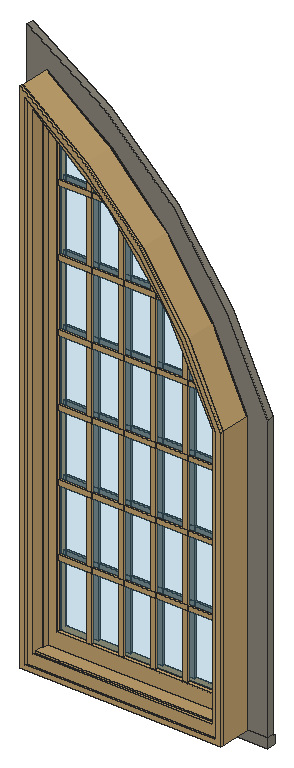
Revit family (continued)
Definition of nested family "Roundtop_Section_Detail"
  Definition of nested family "Sill_Detail"
    Lines and regions (in)
      detail lines, style "Cut Lines", in view "Ref. Level"
        curve 17: line (1.5625, 4.0625, 0) -> (0.59375, 4.0625, 0)
        curve 18: line (1.5625, 4.8125, 0) -> (1.5625, 4.0625, 0)
        curve 19: line (1.71407, 4.8125, 0) -> (1.5625, 4.8125, 0)
        curve 20: line (2, 4.59349, 0) -> (1.93308, 4.59349, 0)
        curve 21: line (2, 1.36026, 0) -> (2, 4.59349, 0)
        curve 22: line (1.93308, 4.59349, 0) -> (1.71407, 4.8125, 0)
        curve 23: line (-1.09401, 0.59371, 0) -> (-0.23437, 0.72218, 0)
        curve 24: line (2, 1.36026, 0) -> (-0.23438, 0.80316, 0)
        curve 25: line (-0.23437, 0.80316, 0) -> (-0.23437, 0.72218, 0)
        curve 26: line (4.5625, 2.22769, 0) -> (4.5625, 0, 0)
        curve 27: line (2, 2.46875, 0) -> (4.09375, 2.46875, 0)
        curve 28: line (4.5625, 2.22769, 0) -> (4.09375, 2.22769, 0)
        curve 29: line (4.09375, 2.22769, 0) -> (4.09375, 2.46875, 0)
        curve 30: line (2, 1.36026, 0) -> (0.5, 1.36026, 0)
        curve 31: line (0.25, 0.98526, 0) -> (0.5, 0.98526, 0)
        curve 32: line (0.5, 1.36026, 0) -> (0.5, 0.98526, 0)
Definition of nested family "Roundtop_Plan_Detail"
  Parameters (values of type "Roundtop_Plan_Detail")
    Width = 3' - 4"
    Flange = not(Casing)  # no
    Casing = yes
    Assembly Code = ""
  Reference planes (in)
    plane 1 "Center (Front/Back)": y = 0
    plane 2: z = 0
    plane 3 "Center (Left/Right)": x = 0
    plane 4: x = -20
    plane 5: x = 20
  Lines and regions (in)
    detail lines, style "Cut Lines", in view "Ref. Level", detail levels fine
      curve 1: line (-17.39062, -0.625, 0) -> (17.39062, -0.625, 0)
      curve 2: line (-17.39062, -0.8135, 0) -> (17.39062, -0.8135, 0)
      curve 3: line (-17.39062, -1.375, 0) -> (17.39062, -1.375, 0)
      curve 4: line (-17.39062, -1.5625, 0) -> (17.39062, -1.5625, 0)
  Dimensions and locks (in)
    equal spacing: plane 4, plane 3 "Center (Left/Right)", plane 5
    "Width": plane 4 to plane 5
    aligned and locked: nested 1 to plane 1 "Center (Front/Back)"
    aligned and locked: nested 1 to plane 4
    aligned and locked: plane 5 to nested 2
    aligned and locked: nested 2 to plane 1 "Center (Front/Back)"
    aligned and locked: nested 1 to curve 1
    aligned and locked: curve 1 to nested 1
    aligned and locked: curve 2 to nested 1  (x2)
    aligned and locked: nested 1 to curve 3
    aligned and locked: curve 3 to nested 1
    aligned and locked: curve 4 to nested 1  (x2)
    aligned and locked: nested 2 to curve 1
    aligned and locked: curve 2 to nested 2
    aligned and locked: curve 3 to nested 2
    aligned and locked: curve 4 to nested 2
  Automatic sketch dimensions
    curve 1 to curve 3 = 0' - 0"
  Nested families (in)
    nested 1: "Jamb_Detail" at (-20, 0, 0), type "Jamb_Detail", in view "Ref. Level", detail levels fine
    nested 2: "Jamb_Detail" at (20, 0, 0) x (-1, 0, 0) z (0, 0, 1), type "Jamb_Detail", in view "Ref. Level", detail levels fine
  Definition of nested family "Jamb_Detail"
    Parameters (values of type "Jamb_Detail")
      Flange = no
      Assembly Code = ""
    Reference planes (in)
      plane 1 "Center (Front/Back)": y = 0
      plane 2: z = 0
      plane 3 "Center (Left/Right)": x = 0
    Lines and regions (in)
      detail lines, style "Cut Lines", in view "Ref. Level", visible <- "Flange"
        curve 1: line (-1.5, 0, 0) -> (-0.15, 0, 0)
        curve 2: line (0, -0.04501, 0) -> (-1.5, -0.04501, 0)
        curve 3: line (-1.5, -0.04501, 0) -> (-1.5, 0, 0)
        curve 4: line (-0.15, 0.10999, 0) -> (0, 0.10999, 0)
        curve 5: line (-0.15, 0, 0) -> (-0.15, 0.10999, 0)
      detail lines, style "Cut Lines", in view "Ref. Level"
        curve 6: line (2.7104, 1.375, 0) -> (2.7104, 0.8135, 0)
        curve 7: line (2.91687, 1.375, 0) -> (2.91687, 0.8135, 0)
        curve 8: line (2.60938, 1.5625, 0) -> (2.60938, 1.375, 0)
        curve 9: line (2.60938, 0.8135, 0) -> (2.60938, 0.625, 0)
        curve 10: line (1.78125, -0.21901, 0) -> (1.78125, 0.12474, 0)
        curve 11: line (0.59375, -1.09401, 0) -> (0.66381, -0.62526, 0)
        curve 12: line (0, -1.09401, 0) -> (0.59375, -1.09401, 0)
        curve 13: line (0.9375, -0.62526, 0) -> (0.66381, -0.62526, 0)
        curve 14: line (0.9375, -0.62526, 0) -> (0.9375, -0.21901, 0)
        curve 15: line (0.9375, -0.21901, 0) -> (1.78125, -0.21901, 0)
        curve 16: line (1.5625, 0.12474, 0) -> (1.5625, 2, 0)
        curve 17: line (1.78125, 0.12474, 0) -> (1.5625, 0.12474, 0)
        curve 18: line (1.78125, 2.75, 0) -> (1.5, 2.75, 0)
        curve 19: line (1.78125, 2, 0) -> (1.78125, 2.75, 0)
        curve 20: line (1.5625, 2, 0) -> (1.78125, 2, 0)
        curve 21: line (0, 4.5625, 0) -> (0, -1.09401, 0)
        curve 22: line (1.5, 4.5625, 0) -> (0, 4.5625, 0)
        curve 23: line (1.5, 2.75, 0) -> (1.5, 4.5625, 0)
        curve 24: line (1.60938, 0.59375, 0) -> (1.60938, 0.25, 0)
        curve 25: line (3.07813, 0.25, 0) -> (1.60938, 0.25, 0)
        curve 26: line (3.07813, 0.40113, 0) -> (3.07813, 0.25, 0)
        curve 27: line (3.26562, 0.5578, 0) -> (3.07813, 0.40113, 0)
        curve 28: line (2.51563, 0.59375, 0) -> (3.26562, 0.59375, 0)
        curve 29: line (3.26562, 0.59375, 0) -> (3.26562, 0.5578, 0)
        curve 30: line (1.60938, 2, 0) -> (1.60938, 0.59375, 0)
        curve 31: line (2.51563, 1.5625, 0) -> (2.51563, 0.59375, 0)
        curve 32: line (3.26563, 1.5625, 0) -> (2.51563, 1.5625, 0)
        curve 33: line (3.26563, 1.71407, 0) -> (3.26563, 1.5625, 0)
        curve 34: line (3.04662, 2, 0) -> (3.04662, 1.93308, 0)
        curve 35: line (1.60938, 2, 0) -> (3.04662, 2, 0)
        curve 36: line (3.04662, 1.93308, 0) -> (3.26563, 1.71407, 0)
